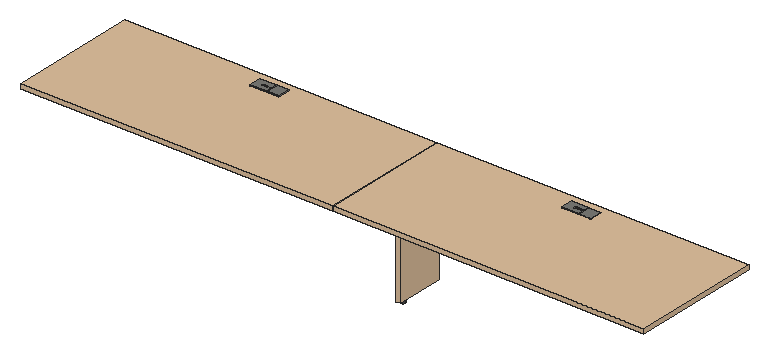
Revit family "Reception-Teknion-B_CWU_Main_Worksurface_Reception_Desk-R2019", category Furniture, Revit 2019
Family settings
  OmniClass Number = 23.40.20.00
  OmniClass Title = General Furniture and Specialties
  Work Plane-Based = No
  Always vertical = Yes
  Cut with Voids When Loaded = No
  Shared = Yes
  Room Calculation Point = No
Parameters (values of type "1" Worksurface Thickness, Centered Grommet Option")
  Worksurface Thickness = 1.000"
  Worksurface Finish [instance] = Veneer - Teknion - 5N - Flintwood - White Oak
  Width [instance] = 144.000"
  Warranty = "http://www.teknion.com/ca/papers/legal-canada"
  Unit Weight URL = "http://www.teknion.com/ca/tools/assets#&asset=bee6a381-b954-425e-8283-5a2de3a804f2,f828d448-4b62-4231-9e5f-9a8991c0ed77"
  URL = "www.teknion.com"
  To render please download texture images found here [instance] = "https://assets.teknion.com/web/5e81352c1dfdb467/revit-material-swatches/"
  Sustainability Data = "https://www.teknion.com/ca/tools/assets#&topic=216f99a5-57a0-44fc-b10a-9dee9b29ae4c&asset=444deb64-fe58-4b68-981e-f75e97781df7,b4ff2d81-9f2e-437d-9659-7cffb09c31cf"
  Series = "Expansion Casegoods"  # constant formula
  Product Page URL = "https://www.teknion.com/ca/products/product-details?productLineId=0053336e-8e7a-673b-a6c8-ff00004460c4"
  Product Line = "Expansion Casegoods"  # constant formula
  Product Documentation Link = "https://www.teknion.com/pricing/expansion-casegoods/pdfs/B_CWU_ppg.pdf"
  Part Number = "B_CWU"  # constant formula
  Model = "BDCWU_____C"
  Manufacturer Phone = "416-661-3370"  # constant formula
  Manufacturer Fax = "416.661.4586"  # constant formula
  Manufacturer Contact Information = "http://www.teknion.com/ca/contactus"
  Manufacturer Address = "1150 Flint Road, Toronto, ON. M3J 2J5. Canada"  # constant formula
  Manufacturer = "Teknion"  # constant formula
  How To Use Teknion Materials User Guide [instance] = "https://assets.teknion.com/m/205dd0a49fa58060/original/How-to-add-a-Material-Library-and-Texture-Images-to-your-Revit-project.pdf"
  Half Gable [instance] = Width > 72.000"  # yes
  Grommet Offset [instance] = if(Both Ends, 9.646", Width / 4)  # 36.000"
  Grommet Finish [instance] = Paint - Teknion - Mica - Anthracite
  Gable Thickness = 1.016"
  Gable Finish [instance] = Veneer - Teknion - 5N - Flintwood - White Oak
  For Additional Finishes please visit [instance] = "https://assets.teknion.com/m/44a8009b046e5d47/original/Teknion_Materials_Library.zip"
  Description = "Main Worksurface - Reception Desk, 1\" Worksurface Thickness, Centered Grommet Option"
  Depth [instance] = 30.000"
  Centered Grommet = not(Both Ends)  # yes
  Both Ends = no
  Available Widths [instance] = if(Centered Grommet, "90\", 96\", 102\", 108\", 114\", 120\", 126\", 132\", 138\", or 144\"", "84\", 90\", 96\", 102\", 108\", 114\", 120\", 126\", 132\", 138\", or 144\"")  # "90\", 96\", 102\", 108\", 114\", 120\", 126\", 132\", 138\", or 144\""
  Available Depths [instance] = "20\", 24\", or 30\""  # constant formula
  Assembly Code = "E2020200"
  2 Worksurface [instance] = not([1 Worksurface])  # yes
  2 Centered Grommet [instance] = or(and(Centered Grommet, not([1 Centered Grommet])), Both Ends)  # yes
  1 Worksurface [instance] = Width < 89.000"  # no
  1 Centered Grommet [instance] = and(Centered Grommet, Width = 72.000")  # no
Types (7): name | Worksurface Thickness | Model | Grommet Offset | Gable Thickness | Description | Centered Grommet | Both Ends | Available Widths
  (no name) | 1.000" | "BDCWU_____C" | 36.000" | 1.016" | "Main Worksurface - Reception Desk, 1\" Worksurface Thickness, Centered Grommet Option" | yes | no | "90\", 96\", 102\", 108\", 114\", 120\", 126\", 132\", 138\", or 144\""
  1" Worksurface Thickness, Centered Grommet Option | 1.000" | "BDCWU_____C" | 36.000" | 1.016" | "Main Worksurface - Reception Desk, 1\" Worksurface Thickness, Centered Grommet Option" | yes | no | "90\", 96\", 102\", 108\", 114\", 120\", 126\", 132\", 138\", or 144\""
  1 3/16" Worksurface Thickness, Centered Grommet Option | 1.189" | "BMCWU_____C" | 36.000" | 1.016" | "Main Worksurface - Reception Desk, 1 3/16\" Worksurface Thickness, Centered Grommet Option" | yes | no | "90\", 96\", 102\", 108\", 114\", 120\", 126\", 132\", 138\", or 144\""
  1 9/16" Worksurface Thickness, Centered Grommet Option | 1.555" | "BXCWU_____C" | 36.000" | 1.512" | "Main Worksurface - Reception Desk, 1 9/16\" Worksurface Thickness, Centered Grommet Option" | yes | no | "90\", 96\", 102\", 108\", 114\", 120\", 126\", 132\", 138\", or 144\""
  1" Worksurface Thickness, Both Ends Grommet Option | 1.000" | "BDCWU_____B" | 9.646" | 1.016" | "Main Worksurface - Reception Desk, 1\" Worksurface Thickness, Both Ends Grommet Option" | no | yes | "84\", 90\", 96\", 102\", 108\", 114\", 120\", 126\", 132\", 138\", or 144\""
  1 3/16" Worksurface Thickness, Both Ends Grommet Option | 1.189" | "BMCWU_____B" | 9.646" | 1.016" | "Main Worksurface - Reception Desk, 1 3/16\" Worksurface Thickness, Both Ends Grommet Option" | no | yes | "84\", 90\", 96\", 102\", 108\", 114\", 120\", 126\", 132\", 138\", or 144\""
  1 9/16" Worksurface Thickness, Both Ends Grommet Option | 1.555" | "BXCWU_____B" | 9.646" | 1.512" | "Main Worksurface - Reception Desk, 1 9/16\" Worksurface Thickness, Both Ends Grommet Option" | no | yes | "84\", 90\", 96\", 102\", 108\", 114\", 120\", 126\", 132\", 138\", or 144\""
Reference planes (in)
  plane 1 "Center Front/Back": y = 0
  plane 2: z = 0
  plane 3 "Center Left/Right": x = 0
  plane 4 "Left": x = -72
  plane 5 "Right": x = 72
  plane 6 "Back": y = 15
  plane 7 "Front": y = -15
  plane 8 "Top": z = 27.80709
  plane 9: x = -36
  plane 10: x = 36
  plane 11: z = 28.80709
Forms (in)
  Sweep 1, solid, material "Veneer - Teknion - 5N - Flintwood - White Oak" <- "Worksurface Finish", visible <- "1 Worksurface"
    path origin (0, 0, 0) x (1, 0, 0) y (0, 0, 1)
      loop
        line (0, 27.80709) -> (0, 28.80709)
    profile origin (0, 0, 28.30709) x (-1, 0, 0) y (0, -1, 0)
      loop
        line (72, -15) -> (72, 15) -> (-72, 15) -> (-72, -15) -> (72, -15)
  Sweep 2, solid, material "Veneer - Teknion - 5N - Flintwood - White Oak" <- "Worksurface Finish", visible <- "2 Worksurface"
    path origin (0, 0, 0) x (1, 0, 0) y (0, 0, 1)
      loop
        line (0, 27.80709) -> (0, 28.80709)
    profile origin (0, 0, 28.30709) x (-1, 0, 0) y (0, -1, 0)
      loop
        line (72, -15) -> (72, 15) -> (0, 15) -> (0, -15) -> (72, -15)
  Sweep 3, solid, material "Veneer - Teknion - 5N - Flintwood - White Oak" <- "Worksurface Finish", visible <- "2 Worksurface"
    path origin (0, 0, 0) x (1, 0, 0) y (0, 0, 1)
      loop
        line (0, 27.80709) -> (0, 28.80709)
    profile origin (0, 0, 28.30709) x (-1, 0, 0) y (0, -1, 0)
      loop
        line (0, -15) -> (0, 15) -> (-72, 15) -> (-72, -15) -> (0, -15)
  Sweep 4, solid, material "Veneer - Teknion - 5N - Flintwood - White Oak" <- "Gable Finish", visible <- "Half Gable"
    path origin (0, 0, 0) x (1, 0, 0) y (0, 0, 1)
      loop
        line (0, 0.60236) -> (0, 27.80709)
    profile origin (0, 0, 14.20472) x (-1, 0, 0) y (0, -1, 0)
      loop
        line (0.508, -4) -> (-0.508, -4) -> (-0.508, -15) -> (0.508, -15) -> (0.508, -4)
  Sweep 5, solid, material "Paint - Teknion - Mica - Anthracite" <- "Grommet Finish", visible <- "2 Centered Grommet"
    path origin (0, 0, 0) x (1, 0, 0) y (0, 0, 1)
      loop
        line (0, 28.80709) -> (0, 28.92531)
    profile origin (0, 0, 28.8662) x (-1, 0, 0) y (0, -1, 0)
      loop
        line (35.52592, -13.30512) -> (35.52592, -10.43504) -> (32.65584, -10.43504) -> (32.65584, -13.30512) -> (35.52592, -13.30512)
      loop
        line (-36.47474, -13.30512) -> (-36.47474, -10.43504) -> (-39.34482, -10.43504) -> (-39.34482, -13.30512) -> (-36.47474, -13.30512)
  Sweep 6, solid, material "Paint - Teknion - Mica - Anthracite" <- "Grommet Finish", visible <- "2 Centered Grommet"
    path origin (0, 0, 0) x (1, 0, 0) y (0, 0, 1)
      loop
        line (0, 28.80709) -> (0, 28.92531)
    profile origin (0, 0, 28.8662) x (-1, 0, 0) y (0, -1, 0)
      loop
        line (39.34482, -13.30512) -> (39.34482, -10.43504) -> (35.52592, -10.43504) -> (35.52592, -11.65748) -> (37.57317, -11.65748) -> (37.57317, -12.08268) -> (35.52592, -12.08268) -> (35.52592, -13.30512) -> (39.34482, -13.30512)
      loop
        line (-32.65584, -13.30512) -> (-32.65584, -10.43504) -> (-36.47474, -10.43504) -> (-36.47474, -11.65748) -> (-34.4275, -11.65748) -> (-34.4275, -12.08268) -> (-36.47474, -12.08268) -> (-36.47474, -13.30512) -> (-32.65584, -13.30512)
  Sweep 7, solid, material "Paint - Teknion - Mica - Anthracite" <- "Grommet Finish", visible <- "1 Centered Grommet"
    path origin (0, 0, 0) x (1, 0, 0) y (0, 0, 1)
      loop
        line (0, 28.80709) -> (0, 28.92531)
    profile origin (0, 0, 28.8662) x (-1, 0, 0) y (0, -1, 0)
      loop
        line (-0.47441, -13.30512) -> (3.34449, -13.30512) -> (3.34449, -10.43504) -> (-0.47441, -10.43504) -> (-0.47441, -11.65748) -> (1.57283, -11.65748) -> (1.57283, -12.08268) -> (-0.47441, -12.08268) -> (-0.47441, -13.30512)
  Sweep 8, solid, material "Paint - Teknion - Mica - Anthracite" <- "Grommet Finish", visible <- "1 Centered Grommet"
    path origin (0, 0, 0) x (1, 0, 0) y (0, 0, 1)
      loop
        line (0, 28.80709) -> (0, 28.92531)
    profile origin (0, 0, 28.8662) x (-1, 0, 0) y (0, -1, 0)
      loop
        line (-0.47441, -13.30512) -> (-0.47441, -10.43504) -> (-3.34449, -10.43504) -> (-3.34449, -13.30512) -> (-0.47441, -13.30512)
  Sweep 9, solid, material "Plastic - Teknion - E1 - Black", visible <- "Half Gable"
    path origin (0, 0, 0) x (1, 0, 0) y (0, 0, 1)
      loop
        line (0, 0) -> (0, 0.60236)
    profile origin (0, 0, 0.30118) x (-1, 0, 0) y (0, -1, 0)
      loop
        circle (0, -5.5) r 0.5
Lines and regions (in)
  Masking region 1, visible <- "1 Worksurface"
    outline origin (0, 0, 0) x (1, 0, 0) y (0, 1, 0)
      loop
        line (-72, 15) -> (-72, -15) -> (72, -15) -> (72, 15) -> (-72, 15)
  Masking region 2, visible <- "2 Worksurface"
    outline origin (0, 0, 0) x (1, 0, 0) y (0, 1, 0)
      loop
        line (-72, 15) -> (-72, -15) -> (0, -15) -> (0, 15) -> (-72, 15)
  Masking region 3, visible <- "2 Worksurface"
    outline origin (0, 0, 0) x (1, 0, 0) y (0, 1, 0)
      loop
        line (0, 15) -> (0, -15) -> (72, -15) -> (72, 15) -> (0, 15)
  symbolic lines, visible <- "2 Centered Grommet"
    curve 1: line (-35.52592, 10.43504, 0) -> (-32.65584, 10.43504, 0)
    curve 2: line (-32.65584, 10.43504, 0) -> (-32.65584, 13.30512, 0)
    curve 3: line (-32.65584, 13.30512, 0) -> (-35.52592, 13.30512, 0)
    curve 4: line (-35.52592, 13.30512, 0) -> (-35.52592, 10.43504, 0)
    curve 5: line (-35.52592, 13.30512, 0) -> (-39.34482, 13.30512, 0)
    curve 6: line (-39.34482, 13.30512, 0) -> (-39.34482, 10.43504, 0)
    curve 7: line (-39.34482, 10.43504, 0) -> (-35.52592, 10.43504, 0)
    curve 8: line (-35.52592, 10.43504, 0) -> (-35.52592, 11.65748, 0)
    curve 9: line (-35.52592, 11.65748, 0) -> (-37.57317, 11.65748, 0)
    curve 10: line (-37.57317, 11.65748, 0) -> (-37.57317, 12.08268, 0)
    curve 11: line (-37.57317, 12.08268, 0) -> (-35.52592, 12.08268, 0)
    curve 12: line (-35.52592, 12.08268, 0) -> (-35.52592, 13.30512, 0)
    curve 13: line (32.65584, 13.30512, 0) -> (32.65584, 10.43504, 0)
    curve 14: line (32.65584, 10.43504, 0) -> (36.47474, 10.43504, 0)
    curve 15: line (36.47474, 10.43504, 0) -> (36.47474, 11.65748, 0)
    curve 16: line (36.47474, 11.65748, 0) -> (34.4275, 11.65748, 0)
    curve 17: line (34.4275, 11.65748, 0) -> (34.4275, 12.08268, 0)
    curve 18: line (34.4275, 12.08268, 0) -> (36.47474, 12.08268, 0)
    curve 19: line (36.47474, 12.08268, 0) -> (36.47474, 13.30512, 0)
    curve 20: line (36.47474, 13.30512, 0) -> (32.65584, 13.30512, 0)
    curve 21: line (39.34482, 13.30512, 0) -> (36.47474, 13.30512, 0)
    curve 22: line (36.47474, 13.30512, 0) -> (36.47474, 10.43504, 0)
    curve 23: line (36.47474, 10.43504, 0) -> (39.34482, 10.43504, 0)
    curve 24: line (39.34482, 10.43504, 0) -> (39.34482, 13.30512, 0)
  symbolic lines, visible <- "1 Centered Grommet"
    curve 25: line (-3.34449, 13.30512, 0) -> (-3.34449, 10.43504, 0)
    curve 26: line (-3.34449, 10.43504, 0) -> (0.47441, 10.43504, 0)
    curve 27: line (0.47441, 10.43504, 0) -> (0.47441, 11.65748, 0)
    curve 28: line (0.47441, 11.65748, 0) -> (-1.57283, 11.65748, 0)
    curve 29: line (-1.57283, 11.65748, 0) -> (-1.57283, 12.08268, 0)
    curve 30: line (-1.57283, 12.08268, 0) -> (0.47441, 12.08268, 0)
    curve 31: line (0.47441, 12.08268, 0) -> (0.47441, 13.30512, 0)
    curve 32: line (0.47441, 13.30512, 0) -> (-3.34449, 13.30512, 0)
    curve 33: line (3.34449, 13.30512, 0) -> (0.47441, 13.30512, 0)
    curve 34: line (0.47441, 13.30512, 0) -> (0.47441, 10.43504, 0)
    curve 35: line (0.47441, 10.43504, 0) -> (3.34449, 10.43504, 0)
    curve 36: line (3.34449, 10.43504, 0) -> (3.34449, 13.30512, 0)
  symbolic lines, style "FurnitureHiddenLines", visible <- "Half Gable", detail levels medium+fine
    curve 37: line (-0.508, 15, 0) -> (-0.508, 4, 0)
    curve 38: line (0.508, 4, 0) -> (0.508, 15, 0)
    curve 39: line (-0.508, 4, 0) -> (0.508, 4, 0)
  symbolic lines, style "FurnitureHiddenLines", visible <- "Half Gable", detail levels fine
    curve 40: arc (0.5, 5.5, 0) -> (0, 6, 0) -> (-0.5, 5.5, 0) r 0.5
    curve 41: arc (-0.5, 5.5, 0) -> (0, 5, 0) -> (0.5, 5.5, 0) r 0.5
  reference lines
    curve 42: line (-72, 15, 0) -> (72, 15, 0)
    curve 43: line (-72, 15, 0) -> (-72, -15, 0)
    curve 44: line (-72, -15, 0) -> (72, -15, 0)
    curve 45: line (72, 15, 0) -> (72, -15, 0)
Dimensions and locks (in)
  "Width": plane 4 "Left" to plane 5 "Right"
  "Depth": plane 6 "Back" to plane 7 "Front"
  locked: plane 8 "Top" to level at 27.80709
  equal spacing: plane 6 "Back", plane 1 "Center Front/Back", plane 7 "Front"
  equal spacing: plane 4 "Left", plane 3 "Center Left/Right", plane 5 "Right"
  "Grommet Offset": plane 4 "Left" to plane 9
  "Grommet Offset": plane 10 to plane 5 "Right"
  "Worksurface Thickness": plane 11 to plane 8 "Top"
  locked: Sweep 4 sketch curve to level at 0.60236
  locked: plane 6 "Back" to Sweep 4 sketch curve at 11
  equal spacing: Sweep 4 sketch curve, plane 3 "Center Left/Right", Sweep 4 sketch curve
  "Gable Thickness": Sweep 4 sketch curve to Sweep 4 sketch curve
  locked: Sweep 5 sketch curve to plane 11 at 0.11823
  plane 6 "Back" to Sweep 5 sketch curve to Sweep 5 sketch curve = 1.69488" locked, 2.87008" locked  (x2)
  plane 9 to Sweep 5 sketch curve to Sweep 5 sketch curve = 0.47408" locked, 2.87008" locked
  plane 10 to Sweep 5 sketch curve to Sweep 5 sketch curve = 0.47474" locked, 2.87008" locked
  locked: Sweep 6 sketch curve to plane 11 at 0.11823
  Sweep 6 sketch curve to Sweep 6 sketch curve to plane 9 to Sweep 6 sketch curve to Sweep 6 sketch curve = 1.77165" locked, 1.57317" locked, 0.47408" locked, 0.000" locked
  plane 6 "Back" to Sweep 6 sketch curve to Sweep 6 sketch curve to Sweep 6 sketch curve to Sweep 6 sketch curve = 1.69488" locked, 1.22244" locked, 0.4252" locked, 1.22244" locked  (x2)
  Sweep 6 sketch curve to Sweep 6 sketch curve to plane 10 to Sweep 6 sketch curve to Sweep 6 sketch curve = 1.77165" locked, 1.5725" locked, 0.47474" locked, 0.000" locked
  locked: Sweep 7 sketch curve to plane 11 at 0.11823
  Sweep 7 sketch curve to Sweep 7 sketch curve to plane 3 "Center Left/Right" to Sweep 7 sketch curve to Sweep 7 sketch curve = 1.77165" locked, 1.57283" locked, 0.47441" locked, 0.000" locked
  plane 6 "Back" to Sweep 7 sketch curve to Sweep 7 sketch curve to Sweep 7 sketch curve to Sweep 7 sketch curve = 1.69488" locked, 1.22244" locked, 0.4252" locked, 1.22244" locked
  locked: Sweep 8 sketch curve to plane 11 at 0.11823
  plane 3 "Center Left/Right" to Sweep 8 sketch curve to Sweep 8 sketch curve = 0.47441" locked, 2.87008" locked
  plane 6 "Back" to Sweep 8 sketch curve to Sweep 8 sketch curve = 1.69488" locked, 2.87008" locked
  locked: Sweep 9 sketch curve to level at 0.60236
  locked: plane 6 "Back" to Sweep 9 sketch curve at 9.5
  locked: plane 3 "Center Left/Right" to Sweep 9 sketch curve at 0
  aligned and locked: level to plane 2
  aligned and locked: plane 11 to Sweep 1 sketch curve
  aligned and locked: plane 8 "Top" to Sweep 1 sketch curve
  aligned and locked: plane 3 "Center Left/Right" to Sweep 1 sketch curve
  aligned and locked: Sweep 1 sketch curve to plane 6 "Back"
  aligned and locked: Sweep 1 sketch curve to plane 4 "Left"
  aligned and locked: plane 7 "Front" to Sweep 1 sketch curve
  aligned and locked: plane 5 "Right" to Sweep 1 sketch curve
  aligned and locked: plane 11 to Sweep 2 sketch curve
  aligned and locked: plane 8 "Top" to Sweep 2 sketch curve
  aligned and locked: plane 3 "Center Left/Right" to Sweep 2 sketch curve
  aligned and locked: Sweep 2 sketch curve to plane 6 "Back"
  aligned and locked: Sweep 2 sketch curve to plane 3 "Center Left/Right"
  aligned and locked: plane 7 "Front" to Sweep 2 sketch curve
  aligned and locked: Sweep 2 sketch curve to plane 4 "Left"
  aligned and locked: plane 11 to Sweep 3 sketch curve
  aligned and locked: plane 8 "Top" to Sweep 3 sketch curve
  aligned and locked: plane 3 "Center Left/Right" to Sweep 3 sketch curve
  aligned and locked: Sweep 3 sketch curve to plane 6 "Back"
  aligned and locked: Sweep 3 sketch curve to plane 3 "Center Left/Right"
  aligned and locked: plane 7 "Front" to Sweep 3 sketch curve
  aligned and locked: plane 5 "Right" to Sweep 3 sketch curve
  aligned and locked: plane 8 "Top" to Sweep 4 sketch curve
  aligned and locked: plane 3 "Center Left/Right" to Sweep 4 sketch curve
  aligned and locked: plane 6 "Back" to Sweep 4 sketch curve
  aligned and locked: plane 11 to Sweep 5 sketch curve
  aligned and locked: plane 3 "Center Left/Right" to Sweep 5 sketch curve
  aligned and locked: plane 11 to Sweep 6 sketch curve
  aligned and locked: plane 3 "Center Left/Right" to Sweep 6 sketch curve
  aligned and locked: plane 11 to Sweep 7 sketch curve
  aligned and locked: plane 3 "Center Left/Right" to Sweep 7 sketch curve
  aligned and locked: plane 3 "Center Left/Right" to Sweep 8 sketch curve
  aligned and locked: plane 11 to Sweep 8 sketch curve
  aligned and locked: plane 3 "Center Left/Right" to Sweep 9 sketch curve
  aligned and locked: level to Sweep 9 sketch curve
  aligned and locked: Masking region 1 sketch curve to plane 6 "Back"
  aligned and locked: Masking region 1 sketch curve to plane 5 "Right"
  aligned and locked: Masking region 1 sketch curve to plane 7 "Front"
  aligned and locked: Masking region 1 sketch curve to plane 4 "Left"
  aligned and locked: Masking region 2 sketch curve to plane 6 "Back"
  aligned and locked: Masking region 2 sketch curve to plane 3 "Center Left/Right"
  aligned and locked: Masking region 2 sketch curve to plane 7 "Front"
  aligned and locked: Masking region 2 sketch curve to plane 4 "Left"
  aligned and locked: Masking region 3 sketch curve to plane 6 "Back"
  aligned and locked: Masking region 3 sketch curve to plane 3 "Center Left/Right"
  aligned and locked: plane 7 "Front" to Masking region 3 sketch curve
  aligned and locked: Masking region 3 sketch curve to plane 5 "Right"
  aligned and locked: curve 1 to Sweep 5
  aligned and locked: curve 2 to Sweep 5
  aligned and locked: curve 3 to Sweep 5
  aligned and locked: curve 4 to Sweep 5
  aligned and locked: curve 5 to Sweep 6
  aligned and locked: curve 6 to Sweep 6
  aligned and locked: curve 7 to Sweep 6
  aligned and locked: curve 8 to Sweep 6
  aligned and locked: curve 9 to Sweep 6
  aligned and locked: curve 10 to Sweep 6
  aligned and locked: curve 12 to Sweep 6
  aligned and locked: curve 13 to Sweep 6
  aligned and locked: curve 14 to Sweep 6
  aligned and locked: curve 15 to Sweep 6
  aligned and locked: curve 16 to Sweep 6
  aligned and locked: curve 17 to Sweep 6
  aligned and locked: curve 18 to Sweep 6
  aligned and locked: curve 19 to Sweep 6
  aligned and locked: curve 20 to Sweep 6
  aligned and locked: curve 21 to Sweep 5
  aligned and locked: curve 22 to Sweep 5
  aligned and locked: curve 23 to Sweep 5
  aligned and locked: curve 24 to Sweep 5
  aligned and locked: curve 25 to Sweep 7
  aligned and locked: curve 26 to Sweep 7
  aligned and locked: curve 27 to Sweep 7
  aligned and locked: curve 28 to Sweep 7
  aligned and locked: curve 29 to Sweep 7
  aligned and locked: curve 30 to Sweep 7
  aligned and locked: curve 31 to Sweep 7
  aligned and locked: curve 32 to Sweep 7
  aligned and locked: curve 33 to Sweep 8
  aligned and locked: curve 34 to Sweep 8
  aligned and locked: curve 35 to Sweep 8
  aligned and locked: curve 36 to Sweep 8
  aligned and locked: curve 37 to Sweep 4
  aligned and locked: curve 38 to Sweep 4
  aligned and locked: curve 39 to Sweep 4
  aligned and locked: curve 40 to Sweep 9
  aligned and locked: curve 41 to Sweep 9
  aligned and locked: curve 42 to plane 6 "Back"
  aligned and locked: curve 43 to plane 4 "Left"
  aligned and locked: curve 44 to plane 7 "Front"
  aligned and locked: curve 45 to plane 5 "Right"
Automatic sketch dimensions
  curve 8 to curve 12 = 0.4252"
  curve 37 to plane 6 "Back" = 0.000"
  curve 38 to plane 6 "Back" = 0.000"
  radius of Sweep 9 sketch curve = 0.500"
